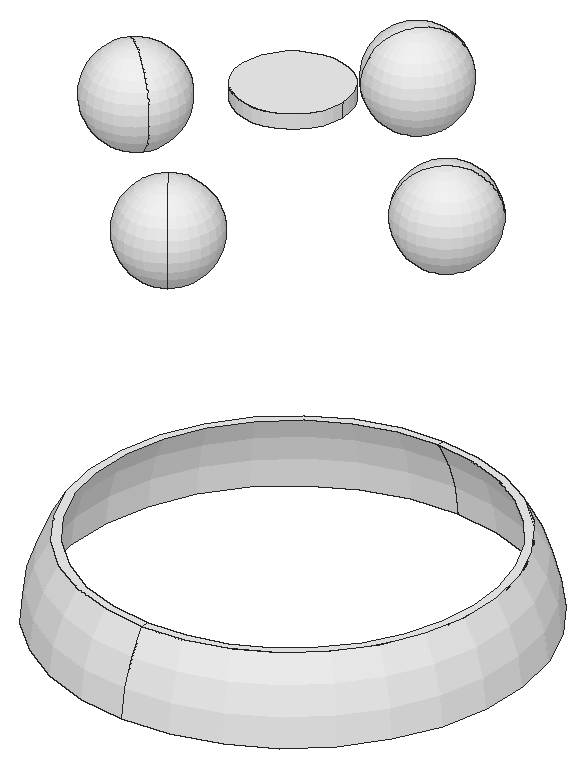
Revit family "Deca_Acabamento para registro de gaveta de 1 ¼''  e 1 ½''_Belle Époque Tradicional_4900.52.GD", category Plumbing Fixtures, host Face, Revit 2019
Family settings
  Host = Face
  Round Connector Dimension = Use Radius
  Part Type = Normal
  Cut with Voids When Loaded = No
  Shared = No
  Room Calculation Point = No
Parameters (values of type "4900.C52.GD_Cromado")
  Vazão na Pressão mín. (L/min) = "-"
  Vazão na Pressão máx. (L/min) = "-"
  URL = "www.deca.com.br"
  Tipo de rosca de saída = "-"
  Tipo de rosca de entrada = "-"
  Tipo de mecanismo utilizado = "-"
  Tipo de dispositivo economizador = "-"
  Segmento = "Banheiro Competitivo"
  Saída de Esgoto = "-"
  Pressão mín. funcionamento = "-"
  Pressão mín. Aquec. Passagem = "-"
  Pressão mín. Aquec. Acúmulo = "-"
  Pressão máx. funcionamento = "-"
  Peso Líquido (Kg) = 0.218
  Norma = "Não Possui"
  Model = "4900.C52.GD"
  Material = Deca_Cromado
  Manufacturer = "Deca"
  Linha = "Belle Époque Tradicional"
  Itens de Instalação = "-"
  Informações Complementares = "-"
  Description = "Acabamento para registro de gaveta de 1 1/4\" e 1 1/2\""
  Default Elevation = 0 m
  Código Pai = "4900.52.GD"
  Criado por = "quattroD"
  Cores Componente = "-"
  Cor Secundária = "-"
  Cor Principal = "Cromado"
  Cor Interna = "-"
  Consumo = "-"
  Composição Componente = "-"
  Composição Básica = "Liga de Cobre (bronze e latão),Plásticos de Engenharia"
  Composição Assento = "-"
  Composição Anel Vedação = "-"
  Categoria = "METAIS PARA BANHEIRO"
  CWFU = 0
  Atendimento ao Cliente = "0800-0117073"
  Assembly Code = ""
  Aprovado por = "quattroD"
  Acompanha o Produto = "-"
Reference planes (m)
  plane 1 "Center (Front/Back)": y = 0
  plane 2: z = 0
  plane 3 "Center (Left/Right)": x = 0
  plane 4 "Left 1": x = -0.04
  plane 5 "Right 1": x = 0.04
  plane 6 "Back 1": y = 0.04
  plane 7 "Front 1": y = -0.040005
  plane 8 "Top 1": z = 0.099103
Forms (m)
  Revolve 1, solid, material "Deca_Cromado" <- "Material"
    sketch origin (0, -0.000368, 0.027705) x (1, 0, 0) y (0, 0, 1)
      loop
        arc (-0.028986, 0.067118) -> (-0.03743, 0.058664) -> (-0.028986, 0.050209) r 0.008454
        line (-0.028986, 0.050209) -> (-0.028986, 0.067118)
      axis (-0.028986, 0.067118) -> (-0.028986, 0.050209)
    angle from 397.865 to 37.865
  Revolve 2, solid, material "Deca_Cromado" <- "Material"
    sketch origin (0, -0.000368, 0.027705) x (-1, 0, 0) y (0, 0, 1)
      loop
        arc (-0.028986, 0.067118) -> (-0.03743, 0.058664) -> (-0.028986, 0.050209) r 0.008454
        line (-0.028986, 0.050209) -> (-0.028986, 0.067118)
      axis (-0.028986, 0.067118) -> (-0.028986, 0.050209)
    angle from 397.865 to 37.865
  Revolve 3, solid, material "Deca_Cromado" <- "Material"
    sketch origin (0, 0, 0.027705) x (0, 1, 0) y (0, 0, -1)
      loop
        line (-0.028986, -0.067118) -> (-0.028986, -0.050209)
        arc (-0.028986, -0.050209) -> (-0.03743, -0.058664) -> (-0.028986, -0.067118) r 0.008454
      axis (-0.028986, -0.067118) -> (-0.028986, -0.050209)
    angle from 397.865 to 37.865
  Revolve 4, solid, material "Deca_Cromado" <- "Material"
    sketch origin (0, 0, 0.027705) x (0, -1, 0) y (0, 0, 1)
      loop
        arc (-0.028986, 0.067118) -> (-0.03743, 0.058664) -> (-0.028986, 0.050209) r 0.008454
        line (-0.028986, 0.050209) -> (-0.028986, 0.067118)
      axis (-0.028986, 0.067118) -> (-0.028986, 0.050209)
    angle from 397.865 to 37.865
  Extrusion 5, solid, material "Deca_Cromado" <- "Material"
    sketch origin (0, 0, 0.027705) x (1, 0, 0) y (0, 1, 0)
      loop
        circle (0, 0) r 0.009375
    from 0.068106 to 0.070622
  Revolve 6, solid, material "Deca_Cromado" <- "Material"
    sketch origin (0, 0, 0) x (0, 1, 0) y (0, 0, 1)
      loop
        arc (0.039754, 0.009518) -> (0.038466, 0.016571) -> (0.035241, 0.022974) r 0.025158
        line (0.035241, 0.022974) -> (0.03385, 0.022974)
        arc (0.03385, 0.022974) -> (0.037075, 0.016571) -> (0.038363, 0.009518) r 0.025158
        line (0.038363, 0.009518) -> (0.039754, 0.009518)
      axis (0, 0.022974) -> (0, 0.009518)
    angle from 0 to 360
Lines and regions (m)
  Masking region 1
    outline origin (-0.184808, -0.042053, 0) x (1, 0, 0) y (0, 1, 0)
      loop
        circle (0.184808, 0.042049) r 0.04
  Masking region 2
    outline origin (-0.756975, 0, -0.516194) x (1, 0, 0) y (0, 0, 1)
      loop
        arc (0.792216, 0.539168) -> (0.784197, 0.554205) -> (0.779826, 0.570676) r 0.074093
        arc (0.779826, 0.570676) -> (0.776448, 0.576805) -> (0.769901, 0.579279) r 0.010126
        line (0.769901, 0.579279) -> (0.767437, 0.579279) -> (0.767437, 0.58126)
        arc (0.767437, 0.58126) -> (0.767149, 0.581956) -> (0.766452, 0.582245) r 0.000985
        line (0.766452, 0.582245) -> (0.76317, 0.582245) -> (0.76317, 0.591482) -> (0.768197, 0.591482)
        arc (0.768197, 0.591482) -> (0.770463, 0.595223) -> (0.774694, 0.596331) r 0.005822
        arc (0.774694, 0.596331) -> (0.776325, 0.596167) -> (0.777944, 0.59591) r 0.028285
        arc (0.777944, 0.59591) -> (0.778958, 0.595706) -> (0.779964, 0.595465) r 0.028171
        arc (0.779964, 0.595465) -> (0.781486, 0.595036) -> (0.782982, 0.594523) r 0.028078
        arc (0.782982, 0.594523) -> (0.794466, 0.602482) -> (0.782982, 0.610441) r 0.0085
        arc (0.782982, 0.610441) -> (0.781486, 0.609927) -> (0.779964, 0.609499) r 0.028078
        arc (0.779964, 0.609499) -> (0.778958, 0.609258) -> (0.777944, 0.609054) r 0.028171
        arc (0.777944, 0.609054) -> (0.776325, 0.608796) -> (0.774694, 0.608633) r 0.028285
        arc (0.774694, 0.608633) -> (0.771122, 0.609315) -> (0.768652, 0.611982) r 0.005822
        line (0.768652, 0.611982) -> (0.766325, 0.611982) -> (0.766325, 0.614172) -> (0.764531, 0.614329)
        arc (0.764531, 0.614329) -> (0.756975, 0.615296) -> (0.749419, 0.614329) r 0.030001
        line (0.749419, 0.614329) -> (0.747625, 0.614172) -> (0.747625, 0.611982) -> (0.745298, 0.611982)
        arc (0.745298, 0.611982) -> (0.742828, 0.609315) -> (0.739256, 0.608633) r 0.005822
        arc (0.739256, 0.608633) -> (0.737625, 0.608796) -> (0.736006, 0.609054) r 0.028285
        arc (0.736006, 0.609054) -> (0.734992, 0.609258) -> (0.733986, 0.609499) r 0.028171
        arc (0.733986, 0.609499) -> (0.732464, 0.609927) -> (0.730968, 0.610441) r 0.028078
        arc (0.730968, 0.610441) -> (0.719484, 0.602482) -> (0.730968, 0.594523) r 0.0085
        arc (0.730968, 0.594523) -> (0.732464, 0.595036) -> (0.733986, 0.595465) r 0.028078
        arc (0.733986, 0.595465) -> (0.734992, 0.595706) -> (0.736006, 0.59591) r 0.028171
        arc (0.736006, 0.59591) -> (0.737625, 0.596167) -> (0.739256, 0.596331) r 0.028285
        arc (0.739256, 0.596331) -> (0.743487, 0.595223) -> (0.745753, 0.591482) r 0.005822
        line (0.745753, 0.591482) -> (0.75078, 0.591482) -> (0.75078, 0.582245) -> (0.747498, 0.582245)
        arc (0.747498, 0.582245) -> (0.746801, 0.581956) -> (0.746513, 0.58126) r 0.000985
        line (0.746513, 0.58126) -> (0.746513, 0.579279) -> (0.74405, 0.579279)
        arc (0.74405, 0.579279) -> (0.737502, 0.576805) -> (0.734124, 0.570676) r 0.010126
        arc (0.734124, 0.570676) -> (0.729753, 0.554205) -> (0.721734, 0.539168) r 0.074093
        arc (0.721734, 0.539168) -> (0.718509, 0.532765) -> (0.717221, 0.525712) r 0.025158
        line (0.717221, 0.525712) -> (0.716975, 0.516194) -> (0.796975, 0.516194) -> (0.796729, 0.525712)
        arc (0.796729, 0.525712) -> (0.795441, 0.532765) -> (0.792216, 0.539168) r 0.025158
  Masking region 3
    outline origin (0, -0.196465, -0.219239) x (0, 1, 0) y (0, 0, 1)
      loop
        arc (0.219317, 0.273721) -> (0.215938, 0.27985) -> (0.209391, 0.282324) r 0.010126
        line (0.209391, 0.282324) -> (0.206927, 0.282324) -> (0.206927, 0.284376)
        arc (0.206927, 0.284376) -> (0.206659, 0.285022) -> (0.206013, 0.28529) r 0.000915
        line (0.206013, 0.28529) -> (0.20266, 0.28529) -> (0.20266, 0.294527) -> (0.207667, 0.294527)
        arc (0.207667, 0.294527) -> (0.208481, 0.296614) -> (0.21, 0.298261) r 0.006043
        arc (0.21, 0.298261) -> (0.211241, 0.299021) -> (0.21265, 0.299386) r 0.004942
        arc (0.21265, 0.299386) -> (0.214203, 0.299428) -> (0.215744, 0.299224) r 0.009829
        arc (0.215744, 0.299224) -> (0.217204, 0.299017) -> (0.218646, 0.298712) r 0.021679
        arc (0.218646, 0.298712) -> (0.220047, 0.298338) -> (0.221432, 0.297914) r 0.039488
        arc (0.221432, 0.297914) -> (0.222794, 0.297454) -> (0.224192, 0.297122) r 0.015621
        arc (0.224192, 0.297122) -> (0.225457, 0.297003) -> (0.226721, 0.297122) r 0.006794
        arc (0.226721, 0.297122) -> (0.228075, 0.297469) -> (0.229374, 0.297984) r 0.011017
        arc (0.229374, 0.297984) -> (0.233927, 0.304814) -> (0.230581, 0.312309) r 0.0085
        arc (0.230581, 0.312309) -> (0.228752, 0.313362) -> (0.226721, 0.313933) r 0.0085
        arc (0.226721, 0.313933) -> (0.225457, 0.314052) -> (0.224192, 0.313933) r 0.006794
        arc (0.224192, 0.313933) -> (0.222794, 0.313601) -> (0.221432, 0.313141) r 0.015621
        arc (0.221432, 0.313141) -> (0.220047, 0.312717) -> (0.218646, 0.312343) r 0.039488
        arc (0.218646, 0.312343) -> (0.217204, 0.312037) -> (0.215744, 0.311831) r 0.021679
        arc (0.215744, 0.311831) -> (0.214203, 0.311627) -> (0.21265, 0.311669) r 0.009829
        arc (0.21265, 0.311669) -> (0.211241, 0.312034) -> (0.21, 0.312794) r 0.004942
        arc (0.21, 0.312794) -> (0.208943, 0.313799) -> (0.208158, 0.315027) r 0.006043
        line (0.208158, 0.315027) -> (0.205815, 0.315027) -> (0.205815, 0.317217) -> (0.204022, 0.317374)
        arc (0.204022, 0.317374) -> (0.196465, 0.318342) -> (0.188909, 0.317374) r 0.030001
        line (0.188909, 0.317374) -> (0.187115, 0.317217) -> (0.187115, 0.315027) -> (0.184772, 0.315027)
        arc (0.184772, 0.315027) -> (0.183987, 0.313799) -> (0.18293, 0.312794) r 0.006043
        arc (0.18293, 0.312794) -> (0.181689, 0.312034) -> (0.180281, 0.311669) r 0.004942
        arc (0.180281, 0.311669) -> (0.178727, 0.311627) -> (0.177186, 0.311831) r 0.009829
        arc (0.177186, 0.311831) -> (0.175726, 0.312037) -> (0.174284, 0.312343) r 0.021679
        arc (0.174284, 0.312343) -> (0.172884, 0.312717) -> (0.171499, 0.313141) r 0.039488
        arc (0.171499, 0.313141) -> (0.170137, 0.313601) -> (0.168738, 0.313933) r 0.015621
        arc (0.168738, 0.313933) -> (0.167474, 0.314052) -> (0.166209, 0.313933) r 0.006794
        arc (0.166209, 0.313933) -> (0.164178, 0.313362) -> (0.16235, 0.312309) r 0.0085
        arc (0.16235, 0.312309) -> (0.159004, 0.304814) -> (0.163556, 0.297984) r 0.0085
        arc (0.163556, 0.297984) -> (0.164855, 0.297469) -> (0.166209, 0.297122) r 0.011017
        arc (0.166209, 0.297122) -> (0.167474, 0.297003) -> (0.168738, 0.297122) r 0.006794
        arc (0.168738, 0.297122) -> (0.170137, 0.297454) -> (0.171499, 0.297914) r 0.015621
        arc (0.171499, 0.297914) -> (0.172884, 0.298338) -> (0.174284, 0.298712) r 0.039488
        arc (0.174284, 0.298712) -> (0.175726, 0.299017) -> (0.177186, 0.299224) r 0.021679
        arc (0.177186, 0.299224) -> (0.178727, 0.299428) -> (0.180281, 0.299386) r 0.009829
        arc (0.180281, 0.299386) -> (0.181689, 0.299021) -> (0.18293, 0.298261) r 0.004942
        arc (0.18293, 0.298261) -> (0.184449, 0.296614) -> (0.185264, 0.294527) r 0.006043
        line (0.185264, 0.294527) -> (0.19027, 0.294527) -> (0.19027, 0.28529) -> (0.186918, 0.28529)
        arc (0.186918, 0.28529) -> (0.186271, 0.285022) -> (0.186003, 0.284376) r 0.000915
        line (0.186003, 0.284376) -> (0.186003, 0.282324) -> (0.18354, 0.282324)
        arc (0.18354, 0.282324) -> (0.176993, 0.27985) -> (0.173614, 0.273721) r 0.010126
        arc (0.173614, 0.273721) -> (0.169243, 0.25725) -> (0.161224, 0.242213) r 0.074093
        arc (0.161224, 0.242213) -> (0.157999, 0.23581) -> (0.156711, 0.228757) r 0.025158
        line (0.156711, 0.228757) -> (0.156465, 0.219239) -> (0.236465, 0.219239) -> (0.236219, 0.228757)
        arc (0.236219, 0.228757) -> (0.234931, 0.23581) -> (0.231706, 0.242213) r 0.025158
        arc (0.231706, 0.242213) -> (0.223688, 0.25725) -> (0.219317, 0.273721) r 0.074093
  symbolic lines
    curve 1: circle (0, -0.000005, 0) r 0.04 normal (0, 0, 1)
    curve 2: arc (0.025814, -0.008597, 0) -> (0.037489, -0.000921, 0) -> (0.026203, 0.007317, 0) r 0.0085
    curve 3: arc (0.026203, 0.007317, 0) -> (0.02099, 0.006016, 0) -> (0.015628, 0.005665, 0) r 0.03
    curve 4: line (0.015628, 0.005665, 0) -> (0.012291, 0.005747, 0)
    curve 5: arc (0.012291, 0.005747, 0) -> (0.009976, 0.006273, 0) -> (0.008046, 0.007657, 0) r 0.006
    curve 6: arc (0.008046, 0.007657, 0) -> (0.006758, 0.009652, 0) -> (0.006345, 0.011991, 0) r 0.006
    curve 7: line (0.006345, 0.011991, 0) -> (0.006426, 0.015328, 0)
    curve 8: arc (0.006426, 0.015328, 0) -> (0.007038, 0.020666, 0) -> (0.008592, 0.025809, 0) r 0.03
    curve 9: arc (0.008592, 0.025809, 0) -> (0.000916, 0.037484, 0) -> (-0.007321, 0.026198, 0) r 0.0085
    curve 10: arc (-0.007321, 0.026198, 0) -> (-0.00602, 0.020985, 0) -> (-0.00567, 0.015624, 0) r 0.03
    curve 11: line (-0.00567, 0.015624, 0) -> (-0.005752, 0.012286, 0)
    curve 12: arc (-0.005752, 0.012286, 0) -> (-0.006278, 0.009971, 0) -> (-0.007662, 0.008041, 0) r 0.006
    curve 13: arc (-0.007662, 0.008041, 0) -> (-0.009657, 0.006753, 0) -> (-0.011996, 0.00634, 0) r 0.006
    curve 14: line (-0.011996, 0.00634, 0) -> (-0.015333, 0.006422, 0)
    curve 15: arc (-0.015333, 0.006422, 0) -> (-0.020671, 0.007033, 0) -> (-0.025814, 0.008587, 0) r 0.03
    curve 16: arc (-0.025814, 0.008587, 0) -> (-0.037489, 0.000911, 0) -> (-0.026203, -0.007326, 0) r 0.0085
    curve 17: arc (-0.026203, -0.007326, 0) -> (-0.02099, -0.006025, 0) -> (-0.015628, -0.005675, 0) r 0.03
    curve 18: line (-0.015628, -0.005675, 0) -> (-0.012291, -0.005756, 0)
    curve 19: arc (-0.012291, -0.005756, 0) -> (-0.009976, -0.006283, 0) -> (-0.008046, -0.007667, 0) r 0.006
    curve 20: arc (-0.008046, -0.007667, 0) -> (-0.006758, -0.009662, 0) -> (-0.006345, -0.012, 0) r 0.006
    curve 21: line (-0.006345, -0.012, 0) -> (-0.006426, -0.015338, 0)
    curve 22: arc (-0.006426, -0.015338, 0) -> (-0.007038, -0.020676, 0) -> (-0.008592, -0.025819, 0) r 0.03
    curve 23: arc (-0.008592, -0.025819, 0) -> (-0.000916, -0.037494, 0) -> (0.007321, -0.026208, 0) r 0.0085
    curve 24: arc (0.007321, -0.026208, 0) -> (0.00602, -0.020995, 0) -> (0.00567, -0.015633, 0) r 0.03
    curve 25: line (0.00567, -0.015633, 0) -> (0.005752, -0.012296, 0)
    curve 26: arc (0.005752, -0.012296, 0) -> (0.006278, -0.00998, 0) -> (0.007662, -0.00805, 0) r 0.006
    curve 27: arc (0.007662, -0.00805, 0) -> (0.009657, -0.006763, 0) -> (0.011996, -0.00635, 0) r 0.006
    curve 28: line (0.011996, -0.00635, 0) -> (0.015333, -0.006431, 0)
    curve 29: arc (0.015333, -0.006431, 0) -> (0.020671, -0.007043, 0) -> (0.025814, -0.008597, 0) r 0.03
    curve 30: arc (-0.005817, 0.011538, 0) -> (-0.008914, 0.009356, 0) -> (-0.011245, 0.006369, 0) r 0.012926
    curve 31: arc (-0.011543, -0.005822, 0) -> (-0.00936, -0.008918, 0) -> (-0.006374, -0.01125, 0) r 0.012926
    curve 32: arc (0.005817, -0.011547, 0) -> (0.008914, -0.009365, 0) -> (0.011245, -0.006378, 0) r 0.012926
    curve 33: arc (0.011543, 0.005812, 0) -> (0.00936, 0.008909, 0) -> (0.006374, 0.01124, 0) r 0.012926
    curve 34: circle (0, -0.000005, 0) r 0.00695 normal (0, 0, 1)
    curve 35: arc (-0.007662, 0.008041, 0) -> (-0.011067, -0.00003, 0) -> (-0.007662, -0.008101, 0) r 0.011268
    curve 36: arc (0.007662, 0.008041, 0) -> (0.011067, -0.00003, 0) -> (0.007662, -0.008101, 0) r 0.011268
    curve 37: arc (-0.007662, 0.008041, 0) -> (0, 0.011156, 0) -> (0.007662, 0.008041, 0) r 0.010979
    curve 38: arc (-0.007662, -0.00805, 0) -> (0, -0.011166, 0) -> (0.007662, -0.00805, 0) r 0.010979
    curve 39: arc (0.022851, 0, 0.054482) -> (0.019473, 0, 0.060611) -> (0.012926, 0, 0.063085) r 0.010126
    curve 40: line (0.012926, 0, 0.063085) -> (-0.012926, 0, 0.063085)
    curve 41: arc (-0.012926, 0, 0.063085) -> (-0.019473, 0, 0.060611) -> (-0.022851, 0, 0.054482) r 0.010126
    curve 42: arc (-0.022851, 0, 0.054482) -> (-0.027222, 0, 0.038011) -> (-0.035241, 0, 0.022974) r 0.074093
    curve 43: arc (-0.035241, 0, 0.022974) -> (-0.038466, 0, 0.016571) -> (-0.039754, 0, 0.009518) r 0.025158
    curve 44: line (-0.039754, 0, 0.009518) -> (-0.04, 0, 0)
    curve 45: line (-0.04, 0, 0) -> (0.04, 0, 0)
    curve 46: line (0.04, 0, 0) -> (0.039754, 0, 0.009518)
    curve 47: arc (0.039754, 0, 0.009518) -> (0.038466, 0, 0.016571) -> (0.035241, 0, 0.022974) r 0.025158
    curve 48: arc (0.035241, 0, 0.022974) -> (0.027222, 0, 0.038011) -> (0.022851, 0, 0.054482) r 0.074093
    curve 49: arc (0.026007, 0, 0.07833) -> (0.037491, 0, 0.086288) -> (0.026007, 0, 0.094247) r 0.0085
    curve 50: arc (-0.026007, 0, 0.094247) -> (-0.037491, 0, 0.086288) -> (-0.026007, 0, 0.07833) r 0.0085
    curve 51: arc (-0.011677, 0, 0.095788) -> (-0.014147, 0, 0.093121) -> (-0.017719, 0, 0.092439) r 0.005822
    curve 52: arc (-0.017719, 0, 0.092439) -> (-0.01935, 0, 0.092603) -> (-0.020969, 0, 0.092861) r 0.028285
    curve 53: arc (-0.020969, 0, 0.092861) -> (-0.021983, 0, 0.093065) -> (-0.022989, 0, 0.093305) r 0.028171
    curve 54: arc (-0.022989, 0, 0.093305) -> (-0.024511, 0, 0.093734) -> (-0.026007, 0, 0.094247) r 0.028078
    curve 55: arc (-0.011222, 0, 0.075288) -> (-0.013488, 0, 0.079029) -> (-0.017719, 0, 0.080137) r 0.005822
    curve 56: arc (-0.017719, 0, 0.080137) -> (-0.01935, 0, 0.079974) -> (-0.020969, 0, 0.079716) r 0.028285
    curve 57: arc (-0.020969, 0, 0.079716) -> (-0.021983, 0, 0.079512) -> (-0.022989, 0, 0.079271) r 0.028171
    curve 58: arc (-0.022989, 0, 0.079271) -> (-0.024511, 0, 0.078843) -> (-0.026007, 0, 0.07833) r 0.028078
    curve 59: arc (0.011677, 0, 0.095788) -> (0.014147, 0, 0.093121) -> (0.017719, 0, 0.092439) r 0.005822
    curve 60: arc (0.017719, 0, 0.092439) -> (0.01935, 0, 0.092603) -> (0.020969, 0, 0.092861) r 0.028285
    curve 61: arc (0.020969, 0, 0.092861) -> (0.021983, 0, 0.093065) -> (0.022989, 0, 0.093305) r 0.028171
    curve 62: arc (0.022989, 0, 0.093305) -> (0.024511, 0, 0.093734) -> (0.026007, 0, 0.094247) r 0.028078
    curve 63: arc (0.011222, 0, 0.075288) -> (0.013488, 0, 0.079029) -> (0.017719, 0, 0.080137) r 0.005822
    curve 64: arc (0.017719, 0, 0.080137) -> (0.01935, 0, 0.079974) -> (0.020969, 0, 0.079716) r 0.028285
    curve 65: arc (0.020969, 0, 0.079716) -> (0.021983, 0, 0.079512) -> (0.022989, 0, 0.079271) r 0.028171
    curve 66: arc (0.022989, 0, 0.079271) -> (0.024511, 0, 0.078843) -> (0.026007, 0, 0.07833) r 0.028078
    curve 67: line (0.011677, 0, 0.095788) -> (-0.011677, 0, 0.095788)
    curve 68: line (-0.011222, 0, 0.075288) -> (0.011222, 0, 0.075288)
    curve 69: circle (0.000006, 0, 0.086288) r 0.0085 normal (0, -1, 0)
    curve 70: line (0.00935, 0, 0.095788) -> (0.00935, 0, 0.097978)
    curve 71: line (0.00935, 0, 0.097978) -> (0.007556, 0, 0.098135)
    curve 72: arc (0.007556, 0, 0.098135) -> (0, 0, 0.099103) -> (-0.007556, 0, 0.098135) r 0.030001
    curve 73: line (-0.007556, 0, 0.098135) -> (-0.00935, 0, 0.097978)
    curve 74: line (-0.00935, 0, 0.097978) -> (-0.00935, 0, 0.095788)
    curve 75: line (-0.006195, 0, 0.066051) -> (-0.006195, 0, 0.075288)
    curve 76: line (0.006195, 0, 0.066051) -> (0.006195, 0, 0.075288)
    curve 77: line (0.009477, 0, 0.066051) -> (-0.009477, 0, 0.066051)
    curve 78: line (0.010462, 0, 0.063085) -> (0.010462, 0, 0.065066)
    curve 79: line (-0.010462, 0, 0.065066) -> (-0.010462, 0, 0.063085)
    curve 80: arc (-0.009477, 0, 0.066051) -> (-0.010174, 0, 0.065763) -> (-0.010462, 0, 0.065066) r 0.000985
    curve 81: arc (0.009477, 0, 0.066051) -> (0.010174, 0, 0.065763) -> (0.010462, 0, 0.065066) r 0.000985
    curve 82: arc (0, 0.022851, 0.054482) -> (0, 0.027222, 0.038011) -> (0, 0.035241, 0.022974) r 0.074093
    curve 83: arc (0, 0.035241, 0.022974) -> (0, 0.038466, 0.016571) -> (0, 0.039754, 0.009518) r 0.025158
    curve 84: line (0, 0.039754, 0.009518) -> (0, 0.04, 0)
    curve 85: line (0, 0.04, 0) -> (0, -0.04, 0)
    curve 86: line (0, -0.04, 0) -> (0, -0.039754, 0.009518)
    curve 87: arc (0, -0.039754, 0.009518) -> (0, -0.038466, 0.016571) -> (0, -0.035241, 0.022974) r 0.025158
    curve 88: arc (0, -0.035241, 0.022974) -> (0, -0.027222, 0.038011) -> (0, -0.022851, 0.054482) r 0.074093
    curve 89: arc (0, -0.022851, 0.054482) -> (0, -0.019473, 0.060611) -> (0, -0.012926, 0.063085) r 0.010126
    curve 90: line (0, -0.012926, 0.063085) -> (0, 0.012926, 0.063085)
    curve 91: arc (0, 0.012926, 0.063085) -> (0, 0.019473, 0.060611) -> (0, 0.022851, 0.054482) r 0.010126
    curve 92: line (0, 0.011693, 0.095788) -> (0, -0.011693, 0.095788)
    curve 93: line (0, -0.011202, 0.075288) -> (0, 0.011202, 0.075288)
    curve 94: arc (0, 0.011202, 0.075288) -> (0, 0.012016, 0.077375) -> (0, 0.013535, 0.079022) r 0.006043
    curve 95: arc (0, 0.013535, 0.079022) -> (0, 0.014776, 0.079782) -> (0, 0.016185, 0.080147) r 0.004942
    curve 96: arc (0, 0.016185, 0.080147) -> (0, 0.017738, 0.080189) -> (0, 0.019279, 0.079985) r 0.009829
    curve 97: arc (0, 0.019279, 0.079985) -> (0, 0.020739, 0.079778) -> (0, 0.022181, 0.079473) r 0.021679
    curve 98: arc (0, 0.022181, 0.079473) -> (0, 0.023581, 0.079099) -> (0, 0.024967, 0.078674) r 0.039488
    curve 99: arc (0, 0.024967, 0.078674) -> (0, 0.026329, 0.078215) -> (0, 0.027727, 0.077883) r 0.015621
    curve 100: arc (0, 0.027727, 0.077883) -> (0, 0.028991, 0.077764) -> (0, 0.030256, 0.077883) r 0.006794
    curve 101: arc (0, 0.030256, 0.077883) -> (0, 0.03161, 0.07823) -> (0, 0.032909, 0.078745) r 0.011017
    curve 102: arc (0, 0.032909, 0.078745) -> (0, 0.037461, 0.085575) -> (0, 0.034116, 0.09307) r 0.0085
    curve 103: arc (0, 0.011693, 0.095788) -> (0, 0.012478, 0.094559) -> (0, 0.013535, 0.093554) r 0.006043
    curve 104: arc (0, 0.013535, 0.093554) -> (0, 0.014776, 0.092795) -> (0, 0.016185, 0.09243) r 0.004942
    curve 105: arc (0, 0.016185, 0.09243) -> (0, 0.017738, 0.092388) -> (0, 0.019279, 0.092592) r 0.009829
    curve 106: arc (0, 0.019279, 0.092592) -> (0, 0.020739, 0.092798) -> (0, 0.022181, 0.093104) r 0.021679
    curve 107: arc (0, 0.022181, 0.093104) -> (0, 0.023581, 0.093477) -> (0, 0.024967, 0.093902) r 0.039488
    curve 108: arc (0, 0.024967, 0.093902) -> (0, 0.026329, 0.094362) -> (0, 0.027727, 0.094694) r 0.015621
    curve 109: arc (0, 0.027727, 0.094694) -> (0, 0.028991, 0.094812) -> (0, 0.030256, 0.094694) r 0.006794
    curve 110: arc (0, 0.030256, 0.094694) -> (0, 0.032287, 0.094123) -> (0, 0.034116, 0.09307) r 0.0085
    curve 111: arc (0, -0.011202, 0.075288) -> (0, -0.012016, 0.077375) -> (0, -0.013535, 0.079022) r 0.006043
    curve 112: arc (0, -0.013535, 0.079022) -> (0, -0.014776, 0.079782) -> (0, -0.016185, 0.080147) r 0.004942
    curve 113: arc (0, -0.016185, 0.080147) -> (0, -0.017738, 0.080189) -> (0, -0.019279, 0.079985) r 0.009829
    curve 114: arc (0, -0.019279, 0.079985) -> (0, -0.020739, 0.079778) -> (0, -0.022181, 0.079473) r 0.021679
    curve 115: arc (0, -0.022181, 0.079473) -> (0, -0.023581, 0.079099) -> (0, -0.024967, 0.078674) r 0.039488
    curve 116: arc (0, -0.024967, 0.078674) -> (0, -0.026329, 0.078215) -> (0, -0.027727, 0.077883) r 0.015621
    curve 117: arc (0, -0.027727, 0.077883) -> (0, -0.028991, 0.077764) -> (0, -0.030256, 0.077883) r 0.006794
    curve 118: arc (0, -0.030256, 0.077883) -> (0, -0.03161, 0.07823) -> (0, -0.032909, 0.078745) r 0.011017
    curve 119: arc (0, -0.032909, 0.078745) -> (0, -0.037461, 0.085575) -> (0, -0.034116, 0.09307) r 0.0085
    curve 120: arc (0, -0.011693, 0.095788) -> (0, -0.012478, 0.094559) -> (0, -0.013535, 0.093554) r 0.006043
    curve 121: arc (0, -0.013535, 0.093554) -> (0, -0.014776, 0.092795) -> (0, -0.016185, 0.09243) r 0.004942
    curve 122: arc (0, -0.016185, 0.09243) -> (0, -0.017738, 0.092388) -> (0, -0.019279, 0.092592) r 0.009829
    curve 123: arc (0, -0.019279, 0.092592) -> (0, -0.020739, 0.092798) -> (0, -0.022181, 0.093104) r 0.021679
    curve 124: arc (0, -0.022181, 0.093104) -> (0, -0.023581, 0.093477) -> (0, -0.024967, 0.093902) r 0.039488
    curve 125: arc (0, -0.024967, 0.093902) -> (0, -0.026329, 0.094362) -> (0, -0.027727, 0.094694) r 0.015621
    curve 126: arc (0, -0.027727, 0.094694) -> (0, -0.028991, 0.094812) -> (0, -0.030256, 0.094694) r 0.006794
    curve 127: arc (0, -0.030256, 0.094694) -> (0, -0.032287, 0.094123) -> (0, -0.034116, 0.09307) r 0.0085
    curve 128: circle (0, 0.000006, 0.086288) r 0.0085 normal (1, 0, 0)
    curve 129: line (0, -0.00935, 0.095788) -> (0, -0.00935, 0.097978)
    curve 130: line (0, -0.00935, 0.097978) -> (0, -0.007556, 0.098135)
    curve 131: arc (0, -0.007556, 0.098135) -> (0, 0, 0.099103) -> (0, 0.007556, 0.098135) r 0.030001
    curve 132: line (0, 0.007556, 0.098135) -> (0, 0.00935, 0.097978)
    curve 133: line (0, 0.00935, 0.097978) -> (0, 0.00935, 0.095788)
    curve 134: line (0, -0.006195, 0.066051) -> (0, -0.006195, 0.075288)
    curve 135: line (0, 0.006195, 0.066051) -> (0, 0.006195, 0.075288)
    curve 136: line (0, 0.009547, 0.066051) -> (0, -0.009547, 0.066051)
    curve 137: line (0, 0.010462, 0.063085) -> (0, 0.010462, 0.065137)
    curve 138: line (0, -0.010462, 0.065137) -> (0, -0.010462, 0.063085)
    curve 139: arc (0, -0.010462, 0.065137) -> (0, -0.010194, 0.065783) -> (0, -0.009547, 0.066051) r 0.000915
    curve 140: arc (0, 0.010462, 0.065137) -> (0, 0.010194, 0.065783) -> (0, 0.009547, 0.066051) r 0.000915
Dimensions and locks (m)
  aligned and locked: host face to plane 2
  aligned and locked: level to host face
